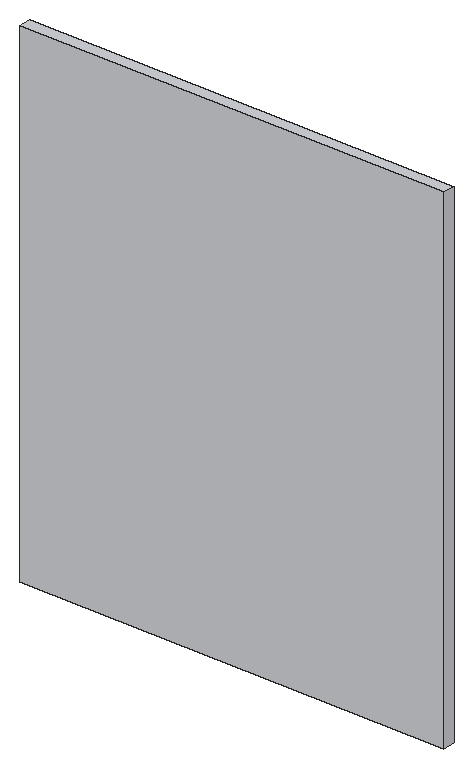
Revit family "Front - Plain", category Casework, Revit 2025
Family settings
  Work Plane-Based = No
  Always vertical = Yes
  Cut with Voids When Loaded = No
  Shared = No
  Room Calculation Point = No
Parameters (values of type "Front - Plain")
  Width = 600 mm
  Swing = yes
  Height = 704 mm
  Front Finish = none
  Depth = 16 mm
  Default Elevation = 0 mm
  Creator Organization [instance] = "© Danish Educational Content"  # constant formula
  Creator Name [instance] = "© Erik Falck Jørgensen"  # constant formula
  Creator Build [instance] = "2023.0405.0"  # constant formula
  Assembly Code = ""
Reference planes
  plane 1 "Front": y = 0
  plane 2: z = 0
  plane 3 "Center (Left/Right)": x = 0
  plane 4: x = -300
  plane 5: x = 300
  plane 6: z = 704
Forms (mm)
  Extrusion 1, solid, material <- "Front Finish"
    sketch origin (0, 0, 0) x (1, 0, 0) y (0, 0, 1)
      loop
        line (-297, 701) -> (-297, 3) -> (297, 3) -> (297, 701) -> (-297, 701)
    from 0 to 16 <- "Depth"
Lines and regions (mm)
  reference lines
    curve 1: line (-300, 0, 0) -> (392.82, -400, 0)
  symbolic lines, style "Elevation Swing", visible <- "Swing"
    curve 2: line (-300, 0, 0) -> (219.615, -300, 0)
    curve 3: arc (300, 0, 0) -> (279.555, -155.291, 0) -> (219.615, -300, 0) r 600
Dimensions and locks
  equal spacing: plane 4, plane 3 "Center (Left/Right)", plane 5
  "Width": plane 4 to plane 5
  "Height": plane 6 to plane 2
  locked: Extrusion 1 sketch curve to plane 2 at 3
  locked: plane 6 to Extrusion 1 sketch curve at 3
  locked: Extrusion 1 sketch curve to plane 4 at 3
  locked: plane 5 to Extrusion 1 sketch curve at 3
  locked: curve 1 to plane 1 "Front" (angle 30.00°)
  aligned and locked: level to plane 2
  aligned and locked: curve 2 to curve 1
Automatic sketch dimensions
  plane 1 "Front" to curve 1 = 0 mm
  curve 1 to plane 4 = 0 mm
  plane 1 "Front" to curve 3 = 0 mm
  curve 3 to plane 4 = 0 mm
  plane 1 "Front" to curve 2 = 0 mm
  curve 3 to plane 5 = 0 mm
